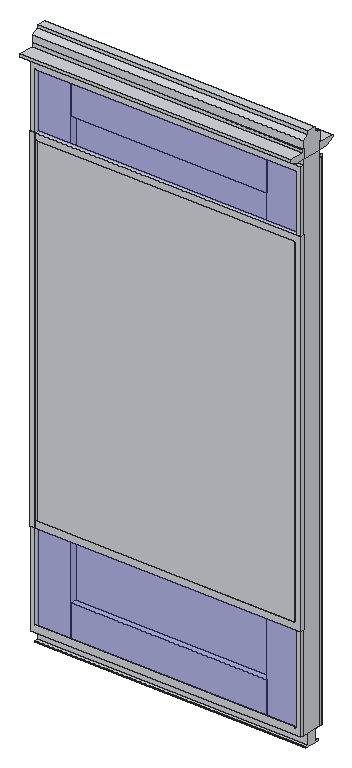
Revit family "Wall-Panel_Operable-Partition_Moderco_Crystal-Series-WorkSurface", category Curtain Panels, Revit 2026
Family settings
  Classification Number = 23.25.40.17
  Always vertical = Yes
  Cut with Voids When Loaded = No
  Shared = No
Parameters (values of type "as Specified")
  blindsvisible [instance] = and(Include Interior Blinds, Blinds Visible)  # yes
  Work Surface Material [instance] = none
  Work Surface Height [instance] = 4' - 7.58211"
  Work Surface Bottom Elevation [instance] = 1' - 4.41789"
  Warranty Duration (Years) = 0
  Use = "Single"
  URL = "http://moderco.com/"
  Type Comments = "Glazing is not included with the Wall Panel."
  Track Type [instance] = Overhead Tracks : Track 33 with W Trim
  Threshold Material [instance] = none
  Test Data = ""
  Stile Width [instance] = 0' - 6"
  Specification = "http://www.arcat.com/sdspecs/htm04/10_22_26mpi.htm"
  Send Message = ""
  Seal Height_Bottom [instance] = 0' - 2"
  Sales Information = "http://moderco.com/contact/"
  STC Rating [instance] = 0
  Revision = "R1_2015-09"
  Rail Height_Top [instance] = 0' - 6"
  Rail Height_Bottom [instance] = 0' - 6"
  Product Properties = ""
  Product Data = "http://www.arcat.com/arcatcos/cos34/arc34266.html"
  Panel Width [instance] = 3' - 8"
  Panel Thickness = 0' - 4"
  Panel Height [instance] = 7' - 2"
  Model = "Crystal"
  Max Height = 12' - 0"
  Manufacturer Website = "http://moderco.com/"
  Manufacturer Phone - Toll Free = "800-363-3150"
  Manufacturer Phone = "450-641-3150"
  Manufacturer Fax = "450-641-4965 or 800-231-4965"
  Manufacturer Address = "115 de Lauzon   Boucherville, QC, Canada J4B 1E7"
  Manufacturer = "Moderco, Inc"
  Maintenance Schedule (Months) = 0
  Keynote = "10 22 26"
  Interior Finish [instance] = none
  Installation-Fabrication = ""
  Installation Phase = ""
  Include Interior Blinds [instance] = yes
  Green Building-LEED = ""
  Glazing Type [instance] = "Glazing By Others as Specified"
  Glazing Tint [instance] = Glass
  Glazing Thickness [instance] = 0' - 0 1/2"
  Glazing Configuration [instance] = "as Specified"
  Frame Material [instance] = none
  Exterior Finish [instance] = none
  Expected Lifespan (Years) = 0
  Drawn By = "Sumex Design, Inc. / Robert S. Weygant, CSI, CDT, SCIP"
  Description = "Moderco Crystal Series Work Surface Panel as Specified"
  Copyright = "©Arcat Inc."
  Construction Details = "http://www.arcat.com/details/moderco/moderco.html?coid=34266"
  Building Codes = ""
  Blinds Visible [instance] = yes
  Blinds Finish [instance] = none
  Assembly Code = "C1010300"
Reference planes (in)
  plane 1 "Front": y = 0
  plane 2: z = 0
  plane 3 "Center (Left/Right)": x = 0
  plane 4 "Left": x = -22
  plane 5 "Right": x = 22
  plane 6 "Top": z = 86
  plane 7: y = 2
  plane 8: y = -2
  plane 9: z = 2
  plane 10: z = 85
  plane 11: x = -16
  plane 12: x = 16
  plane 13: z = 79
  plane 14: z = 8
  plane 15: y = -0.25
  plane 16: y = 0.25
  plane 17: z = 18.41789
  plane 18: z = 74
Forms (in)
  Extrusion 1, solid, material "Glass" <- "Glazing Tint"
    sketch origin (22, 0, 0) x (0, -1, 0) y (0, 0, 1)
      loop
        line (1.875, 2) -> (1.875, 85) -> (1.75, 85) -> (1.75, 2) -> (1.875, 2)
    from 0 to 44
  Extrusion 2, solid, material <- "Exterior Finish"
    sketch origin (22, 0, 0) x (0, 1, 0) y (0, 0, -1)
      loop
        line (1.875, -2) -> (1.75, -2) -> (1.75, -85) -> (1.875, -85) -> (1.875, -2)
    from 0 to 44
  Extrusion 3, solid, material <- "Interior Finish"
    sketch origin (0, 0, 0) x (1, 0, 0) y (0, 1, 0)
      loop
        line (-22, 1.5) -> (-22, -1.5) -> (-16, -1.5) -> (-16, 1.5) -> (-22, 1.5)
      loop
        line (22, 1.5) -> (16, 1.5) -> (16, -1.5) -> (22, -1.5) -> (22, 1.5)
    from 2 to 86
  Extrusion 4, solid, material <- "Threshold Material"
    sketch origin (22, 0, 0) x (0, -1, 0) y (0, 0, 1)
      loop
        line (2, 2.87546) -> (-2, 2.87546) -> (-2, 3.12546) -> (-2.125, 3.12546) -> (-2.125, 2) -> (-0.75, 2) -> (-0.75, 0.25) -> (-1.25, 0.25) -> (-1.25, 0) -> (1.25, 0) -> (1.25, 0.25) -> (0.75, 0.25) -> (0.75, 2) -> (2.125, 2) -> (2.125, 3.12546) -> (2, 3.12546) -> (2, 2.87546)
    from 0 to 44
  Extrusion 5, solid, material <- "Threshold Material"
    sketch origin (22, 0, 0) x (0, -1, 0) y (0, 0, 1)
      loop
        line (2, 84.5) -> (2, 84.25) -> (2.125, 84.25) -> (2.125, 85.125) -> (0.875, 85.125) -> (0.875, 86) -> (-0.875, 86) -> (-0.875, 85.125) -> (-2.125, 85.125) -> (-2.125, 84.25) -> (-2, 84.25) -> (-2, 84.5) -> (2, 84.5)
    from 0 to 44
  Extrusion 6, solid, material <- "Threshold Material"
    sketch origin (0, 0, 0) x (1, 0, 0) y (0, 0, 1)
      loop
        line (-22, 85) -> (-22, 2) -> (-21.25, 2) -> (-21.25, 85) -> (-22, 85)
      loop
        line (22, 85) -> (21.25, 85) -> (21.25, 2) -> (22, 2) -> (22, 85)
    from -2.125 to 2.125
  Extrusion 7, solid, material <- "Interior Finish"
    sketch origin (22, 0, 0) x (0, -1, 0) y (0, 0, 1)
      loop
        line (1.5, 2.12546) -> (1.5, 8) -> (-1.5, 8) -> (-1.5, 2.12546) -> (1.5, 2.12546)
      loop
        line (1.5, 85) -> (-1.5, 85) -> (-1.5, 79) -> (1.5, 79) -> (1.5, 85)
    from 6 to 38
  Extrusion 8, solid, material <- "Interior Finish"
    sketch origin (-40.07723, -2, 36.20447) x (-1, 0, 0) y (0, 0, 1)
      loop
        line (-18.07723, 38.79553) -> (-62.07723, 38.79553) -> (-62.07723, -18.78658) -> (-18.07723, -18.78658) -> (-18.07723, 38.79553)
      loop
        line (-19.07723, -17.78658) -> (-19.07723, 37.79553) -> (-61.07723, 37.79553) -> (-61.07723, -17.78658) -> (-19.07723, -17.78658)
    from -0.25 to 0.5
  Extrusion 9, solid, material <- "Work Surface Material"
    sketch origin (-40.07723, -2, 36.20447) x (-1, 0, 0) y (0, 0, 1)
      loop
        line (-19.07723, 37.79553) -> (-61.07723, 37.79553) -> (-61.07723, -17.78658) -> (-19.07723, -17.78658) -> (-19.07723, 37.79553)
    from -0.125 to 0.5
  Extrusion 10, solid, material <- "Blinds Finish", visible <- "blindsvisible"
    sketch origin (0, 0, 0) x (1, 0, 0) y (0, 0, 1)
      loop
        line (-16, 79) -> (-16, 8) -> (16, 8) -> (16, 79) -> (-16, 79)
    from -0.5 to 0.5
Cuts and joins
  joined: Extrusion 4, Extrusion 5, Extrusion 6
Text (in)
  text "Exterior" at (-54.29358, 31.38743, 0), in view "Ref. Level"
  text "Exterior" at (480, 41.53993, 89.60405), in view "Right"
  text "Exterior" at (-240, 57.82419, 105.78864), in view "Left"
Dimensions and locks (in)
  equal spacing: plane 4 "Left", plane 3 "Center (Left/Right)", plane 5 "Right"
  equal spacing: plane 7, plane 1 "Front", plane 8
  "Panel Thickness": plane 7 to plane 8
  "Panel Height": plane 6 "Top" to level
  "Panel Width": plane 4 "Left" to plane 5 "Right"
  "Seal Height_Bottom": plane 9 to plane 2
  locked: plane 8 to Extrusion 1 sketch curve at 0.25
  locked: Extrusion 2 sketch curve to plane 7 at 0.25
  locked: plane 7 to Extrusion 3 sketch curve at 0.5  (x2)
  locked: Extrusion 3 sketch curve to plane 8 at 0.5  (x2)
  locked: Extrusion 4 sketch curve to plane 8 at 0.125
  locked: plane 7 to Extrusion 4 sketch curve at 0.125
  Extrusion 4 sketch curve to plane 1 "Front" to Extrusion 4 sketch curve = 0' - 0 3/4" locked, 0' - 0 3/4" locked
  locked: plane 10 to plane 6 "Top" at 1
  Extrusion 5 sketch curve to plane 8 to Extrusion 5 sketch curve = 0' - 0 1/8" locked, 0' - 1 1/8"
  Extrusion 5 sketch curve to plane 7 to Extrusion 5 sketch curve = 0' - 1 1/8", 0' - 0 1/8" locked
  "Rail Height_Bottom": plane 14 to plane 9
  "Rail Height_Top": plane 10 to plane 13
  "Stile Width": plane 4 "Left" to plane 11
  "Stile Width": plane 12 to plane 5 "Right"
  equal spacing: plane 15, plane 1 "Front", plane 16
  "Glazing Thickness": plane 15 to plane 16
  Extrusion 4 sketch curve to plane 1 "Front" to Extrusion 4 sketch curve = 0' - 1 1/4" locked, 0' - 1 1/4" locked
  locked: plane 4 "Left" to Extrusion 6 sketch curve at 0.75
  locked: Extrusion 6 sketch curve to plane 5 "Right" at 0.75
  locked: plane 8 to Extrusion 1 sketch curve at 0.125
  locked: Extrusion 2 sketch curve to plane 7 at 0.125
  locked: Extrusion 7 sketch curve to plane 9 at 0.12546
  locked: plane 10 to Extrusion 7 sketch curve at 0
  "Work Surface Bottom Elevation": plane 17 to plane 9
  "Work Surface Height": plane 18 to plane 17
  locked: Extrusion 8 sketch curve to plane 18 at 1
  locked: plane 4 "Left" to Extrusion 8 sketch curve at 1
  locked: Extrusion 8 sketch curve to plane 5 "Right" at 1
  locked: plane 17 to Extrusion 8 sketch curve at 1
  locked: plane 4 "Left" to Extrusion 9 sketch curve at 1
  locked: Extrusion 9 sketch curve to plane 5 "Right" at 1
  aligned and locked: plane 3 "Center (Left/Right)" to nested 1
  aligned: plane 8 to Extrusion 1 sketch curve
  aligned and locked: Extrusion 2 sketch curve to plane 9
  aligned and locked: plane 9 to Extrusion 1 sketch curve
  aligned and locked: plane 4 "Left" to Extrusion 1
  aligned and locked: Extrusion 1 to plane 5 "Right"
  aligned and locked: plane 4 "Left" to Extrusion 2
  aligned and locked: Extrusion 2 to plane 5 "Right"
  aligned and locked: plane 4 "Left" to Extrusion 3 sketch curve
  aligned and locked: plane 5 "Right" to Extrusion 3 sketch curve
  aligned and locked: Extrusion 3 to plane 6 "Top"
  aligned and locked: Extrusion 3 to plane 9
  aligned and locked: plane 2 to Extrusion 4 sketch curve
  aligned and locked: plane 4 "Left" to Extrusion 4
  aligned and locked: Extrusion 4 to plane 5 "Right"
  aligned and locked: Extrusion 1 sketch curve to plane 10
  aligned and locked: plane 10 to Extrusion 2 sketch curve
  aligned and locked: plane 4 "Left" to Extrusion 5
  aligned and locked: Extrusion 5 to plane 5 "Right"
  aligned and locked: Extrusion 6 sketch curve to plane 4 "Left"
  aligned and locked: Extrusion 6 sketch curve to plane 10
  aligned and locked: plane 9 to Extrusion 6 sketch curve
  aligned and locked: Extrusion 6 sketch curve to plane 9
  aligned and locked: Extrusion 6 sketch curve to plane 5 "Right"
  aligned and locked: plane 10 to Extrusion 6 sketch curve
  aligned and locked: Extrusion 4 sketch curve to plane 9
  aligned and locked: plane 9 to Extrusion 4 sketch curve
  aligned and locked: plane 11 to Extrusion 3 sketch curve
  aligned and locked: plane 12 to Extrusion 3 sketch curve
  aligned and locked: plane 14 to Extrusion 7 sketch curve
  aligned and locked: Extrusion 7 sketch curve to plane 13
  aligned and locked: Extrusion 7 to plane 11
  aligned and locked: plane 12 to Extrusion 7
  aligned and locked: Extrusion 8 sketch curve to plane 18
  aligned and locked: plane 4 "Left" to Extrusion 8 sketch curve
  aligned and locked: Extrusion 8 sketch curve to plane 5 "Right"
  aligned and locked: plane 17 to Extrusion 8 sketch curve
  aligned and locked: Extrusion 9 sketch curve to plane 17
  aligned and locked: plane 18 to Extrusion 9 sketch curve
  aligned and locked: Extrusion 10 sketch curve to Extrusion 7  (x4)
Automatic sketch dimensions
  Extrusion 7 sketch curve to plane 7 = 0' - 0 1/2"  (x2)
  plane 8 to Extrusion 7 sketch curve = 0' - 0 1/2"  (x2)
  Extrusion 4 sketch curve to plane 7 = 0' - 0"
  Extrusion 4 sketch curve to plane 8 = 0' - 0"
  Extrusion 4 sketch curve to Extrusion 4 sketch curve = 0' - 0 1/4"  (x4)
  plane 9 to Extrusion 4 sketch curve = 0' - 0.87546"
  Extrusion 5 sketch curve to plane 7 = 0' - 0"
  Extrusion 5 sketch curve to plane 8 = 0' - 0"
  plane 6 "Top" to Extrusion 5 sketch curve = 0' - 0"
  plane 10 to Extrusion 5 sketch curve = 0' - 0 1/8"  (x2)
  Extrusion 5 sketch curve to plane 10 = 0' - 0 1/2"
  Extrusion 5 sketch curve to Extrusion 5 sketch curve = 0' - 0 1/4"  (x2)
Nested families (in)
  nested 1: "Overhead Tracks" at (0, 0, 0), length <- "Panel Width", Height <- "Panel Height", type <- "Track Type", finish <- "Frame Material", type "Track 33 with W Trim"
    with length 3' - 8", finish none, built-in parameter 1001300 7' - 2", track width 0' - 3 1/4", halftrackwidth 0' - 1 5/8", W Trim yes, No 552 no, No 33 yes, L Trim no
Definition of nested family "Overhead Tracks"
  Parameters
    track width = 0' - 3 1/8"
    length [instance] = 4' - 3.58097"
    halftrackwidth = track width / 2  # 0' - 1 9/16"
    finish [instance] = none
    W Trim = no
    No 556 = no
    No 552 = yes
    No 45 = no
    No 33 = no
    L Trim = yes
    Height [instance] = 5' - 5.60265"
    Default Elevation = 4' - 0"
    Assembly Code = ""
  Reference planes (in)
    plane 1 "Center (Front/Back)": y = 0
    plane 2: z = 0
    plane 3 "Center (Left/Right)": x = 0
    plane 4: z = 65.60265
    plane 5: x = -25.79049
    plane 6: x = 25.79049
  Forms (in)
    Extrusion 1, solid, material <- "finish", visible <- "No 33"
      sketch origin (0, 0, 0) x (0, 1, 0) y (0, 0, 1)
        loop
          line (1.625, 65.60265) -> (1.625, 68.34747) -> (0.75, 68.85265) -> (0.75, 69.35265) -> (-0.75, 69.35265) -> (-0.75, 68.85265) -> (-1.625, 68.34747) -> (-1.625, 65.60265) -> (1.625, 65.60265)
      from -25.79049 to 25.79049
    Extrusion 2, solid, material <- "finish", visible <- "L Trim"
      sketch origin (0, 0, 0) x (0, 1, 0) y (0, 0, 1)
        loop
          line (-1.5625, 65.60265) -> (-1.5625, 67.10265) -> (-1.6875, 67.10265) -> (-1.6875, 65.72765) -> (-3.0625, 65.72765) -> (-3.0625, 65.60265) -> (-1.5625, 65.60265)
        loop
          line (1.5625, 65.60265) -> (3.0625, 65.60265) -> (3.0625, 65.72765) -> (1.6875, 65.72765) -> (1.6875, 67.10265) -> (1.5625, 67.10265) -> (1.5625, 65.60265)
      from -25.79049 to 25.79049
    Extrusion 3, solid, material <- "finish", visible <- "W Trim"
      sketch origin (0, 0, 0) x (0, 1, 0) y (0, 0, 1)
        loop
          line (-1.5625, 65.60265) -> (-1.5625, 67.10265) -> (-1.6875, 67.10265) -> (-1.6875, 66.60265) -> (-4.1875, 66.60265) -> (-4.1875, 66.22765) -> (-3.10497, 65.60265) -> (-1.5625, 65.60265)
        loop
          line (1.5625, 65.60265) -> (3.10497, 65.60265) -> (4.1875, 66.22765) -> (4.1875, 66.60265) -> (1.6875, 66.60265) -> (1.6875, 67.10265) -> (1.5625, 67.10265) -> (1.5625, 65.60265)
      from -25.79049 to 25.79049
    Extrusion 4, solid, material <- "finish", visible <- "No 45"
      sketch origin (0, 0, 0) x (0, 1, 0) y (0, 0, 1)
        loop
          line (-1.125, 65.60265) -> (1.125, 65.60265) -> (1.125, 67.35265) -> (0.75, 67.35265) -> (0.75, 68.22765) -> (-0.75, 68.22765) -> (-0.75, 67.35265) -> (-1.125, 67.35265) -> (-1.125, 65.60265)
      from -25.79049 to 25.79049
    Extrusion 5, solid, material <- "finish", visible <- "No 552"
      sketch origin (0, 0, 0) x (0, 1, 0) y (0, 0, 1)
        loop
          line (1.5625, 65.60265) -> (1.5625, 68.85265) -> (1.25, 68.85265) -> (1.25, 69.35265) -> (-1.25, 69.35265) -> (-1.25, 68.85265) -> (-1.5625, 68.85265) -> (-1.5625, 65.60265) -> (1.5625, 65.60265)
      from -25.79049 to 25.79049
    Extrusion 6, solid, material <- "finish", visible <- "No 556"
      sketch origin (0, 0, 0) x (0, 1, 0) y (0, 0, 1)
        loop
          line (-1.5625, 65.60265) -> (1.5625, 65.60265) -> (1.5625, 70.29015) -> (1.4375, 70.29015) -> (1.4375, 71.04015) -> (-1.4375, 71.04015) -> (-1.4375, 70.29015) -> (-1.5625, 70.29015) -> (-1.5625, 65.60265)
      from -25.79049 to 25.79049
  Dimensions and locks (in)
    "Height": plane 4 to level
    equal spacing: plane 6, plane 3 "Center (Left/Right)", plane 5
    "length": plane 6 to plane 5
    "halftrackwidth": Extrusion 2 sketch curve to plane 1 "Center (Front/Back)"
    "halftrackwidth": plane 1 "Center (Front/Back)" to Extrusion 2 sketch curve
    Extrusion 2 sketch curve to Extrusion 2 sketch curve to Extrusion 2 sketch curve = 0' - 1 3/8" locked, 0' - 0 1/8" locked
    Extrusion 2 sketch curve to Extrusion 2 sketch curve to Extrusion 2 sketch curve = 0' - 0 1/8" locked, 0' - 1 3/8" locked
    Extrusion 3 sketch curve to Extrusion 3 sketch curve to Extrusion 3 sketch curve to Extrusion 3 sketch curve = 0' - 1.08253" locked, 0' - 1.41747" locked, 0' - 0 1/8" locked
    Extrusion 3 sketch curve to Extrusion 3 sketch curve to Extrusion 3 sketch curve to Extrusion 3 sketch curve = 0' - 0 1/8" locked, 0' - 1.41747" locked, 0' - 1.08253" locked
    "halftrackwidth": Extrusion 3 sketch curve to plane 1 "Center (Front/Back)"
    "halftrackwidth": plane 1 "Center (Front/Back)" to Extrusion 3 sketch curve
    aligned and locked: plane 2 to level
    aligned and locked: plane 6 to Extrusion 1
    aligned and locked: Extrusion 1 to plane 5
    aligned and locked: plane 6 to Extrusion 3
    aligned and locked: Extrusion 3 to plane 5
    aligned and locked: plane 6 to Extrusion 4
    aligned and locked: Extrusion 4 to plane 5
    aligned and locked: plane 6 to Extrusion 2
    aligned and locked: Extrusion 2 to plane 5
    aligned and locked: Extrusion 6 to plane 5
    aligned and locked: plane 6 to Extrusion 6
    aligned and locked: plane 6 to Extrusion 5
    aligned and locked: Extrusion 5 to plane 5
  Automatic sketch dimensions
    Extrusion 1 sketch curve to plane 4 = 0' - 0"
    plane 1 "Center (Front/Back)" to Extrusion 1 sketch curve = 0' - 1 5/8"
    plane 1 "Center (Front/Back)" to Extrusion 1 sketch curve = 0' - 0 3/4"
    Extrusion 1 sketch curve to plane 1 "Center (Front/Back)" = 0' - 0 3/4"
    Extrusion 1 sketch curve to Extrusion 1 sketch curve = 0' - 0 7/8"
    plane 4 to Extrusion 1 sketch curve = 0' - 2.74482"
    Extrusion 1 sketch curve to Extrusion 1 sketch curve = 0' - 0.50518"  (x2)
    Extrusion 1 sketch curve to Extrusion 1 sketch curve = 0' - 0 1/2"
    Extrusion 1 sketch curve to Extrusion 1 sketch curve = 0' - 1.00518"
    Extrusion 2 sketch curve to plane 4 = 0' - 0"  (x2)
    plane 4 to Extrusion 2 sketch curve = 0' - 0 1/8"  (x2)
    Extrusion 2 sketch curve to Extrusion 2 sketch curve = 0' - 1 3/8"  (x2)
    Extrusion 4 sketch curve to plane 4 = 0' - 0"
    plane 1 "Center (Front/Back)" to Extrusion 4 sketch curve = 0' - 0 3/4"
    plane 1 "Center (Front/Back)" to Extrusion 4 sketch curve = 0' - 1 1/8"
    Extrusion 4 sketch curve to Extrusion 4 sketch curve = 0' - 1 3/4"  (x2)
    Extrusion 4 sketch curve to Extrusion 4 sketch curve = 0' - 0 7/8"
    Extrusion 4 sketch curve to plane 1 "Center (Front/Back)" = 0' - 0 3/4"
    Extrusion 4 sketch curve to Extrusion 4 sketch curve = 0' - 0 3/8"
    Extrusion 3 sketch curve to plane 4 = 0' - 0"  (x2)
    plane 4 to Extrusion 3 sketch curve = 0' - 0 5/8"  (x2)
    plane 4 to Extrusion 3 sketch curve = 0' - 1"
    Extrusion 3 sketch curve to Extrusion 3 sketch curve = 0' - 0 3/8"
    Extrusion 3 sketch curve to Extrusion 3 sketch curve = 0' - 0 1/2"  (x2)
    Extrusion 5 sketch curve to plane 4 = 0' - 0"
    plane 1 "Center (Front/Back)" to Extrusion 5 sketch curve = 0' - 1 1/4"
    Extrusion 5 sketch curve to Extrusion 5 sketch curve = 0' - 0 5/16"
    plane 4 to Extrusion 5 sketch curve = 0' - 3 1/4"
    Extrusion 5 sketch curve to Extrusion 5 sketch curve = 0' - 0"
    Extrusion 5 sketch curve to Extrusion 5 sketch curve = 0' - 0 1/2"
    Extrusion 5 sketch curve to plane 1 "Center (Front/Back)" = 0' - 1 1/4"
    Extrusion 5 sketch curve to plane 1 "Center (Front/Back)" = 0' - 1 9/16"
    Extrusion 6 sketch curve to plane 4 = 0' - 0"
    plane 1 "Center (Front/Back)" to Extrusion 6 sketch curve = 0' - 1 7/16"
    plane 1 "Center (Front/Back)" to Extrusion 6 sketch curve = 0' - 1 9/16"
    Extrusion 6 sketch curve to Extrusion 6 sketch curve = 0' - 0 1/8"
    plane 4 to Extrusion 6 sketch curve = 0' - 4 11/16"
    Extrusion 6 sketch curve to Extrusion 6 sketch curve = 0' - 0"
    Extrusion 6 sketch curve to Extrusion 6 sketch curve = 0' - 0 3/4"
    Extrusion 6 sketch curve to plane 1 "Center (Front/Back)" = 0' - 1 7/16"
